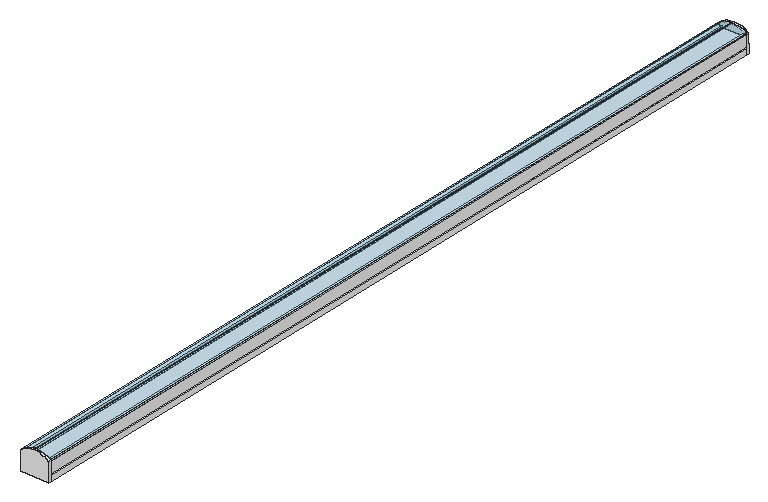
Revit family "LLED-SR-4RF", category Lighting Fixtures, Revit 2017
Family settings
  Round Connector Dimension = Use Diameter
  Part Type = Normal
  OmniClass Number = 23.80.70.00
  OmniClass Title = Lighting
  Work Plane-Based = No
  Always vertical = Yes
  Cut with Voids When Loaded = No
  Light Source = Yes
  Shared = No
  Room Calculation Point = No
Parameters (values of type "LLED-SR")
  Wattage = 9.2903 W
  built-in parameter 1150110 = 1 (stored number, unit not read)
  built-in parameter 1114217 = 1 (stored number, unit not read)
  Tilt Angle = 60.00°
  built-in parameter 1150109 = 1 (stored number, unit not read)
  built-in parameter 1150134 = 3
  built-in parameter 1150113 = 1 (stored number, unit not read)
  Photometric Web File = "generic"
  built-in parameter 1150142 = (empty or 0)
  built-in parameter 1150105 = 109.82 (stored number, unit not read)
  Lumens = 1380 lm
  built-in parameter 1150115 = 1 (stored number, unit not read)
  built-in parameter 1150137 = (empty or 0)
  built-in parameter 1150139 = (empty or 0)
  Length = 24.00"
  built-in parameter 1150112 = 1 (stored number, unit not read)
  built-in parameter 1150114 = 1 (stored number, unit not read)
  built-in parameter 1150132 = (empty or 0)
  built-in parameter 1150102 = (empty or 0)
  built-in parameter 1150107 = 3200 (stored number, unit not read)
  built-in parameter 1150138 = (empty or 0)
  built-in parameter 1150106 = 1.0982 (stored number, unit not read)
  Fixture Cap = Fixture Cap
  Fixture = Fixture
  Emit from Line Length = Length  # 24.00"
  built-in parameter 1150104 = 13.8 (stored number, unit not read)
  Dimming Lamp Color Temperature Shift = <None>
  Color Filter = 16777215
  built-in parameter 1114218 = 1 (stored number, unit not read)
  built-in parameter 1150133 = 10 (stored number, unit not read)
Reference planes (in)
  plane 1 "Light Source Axis (F/B)": y = 0
  plane 2: z = 0
  plane 3 "Light Source Axis (L/R)": x = 0
  plane 4 "Light Source Elevation": z = 0.66
  plane 5: y = 12
  plane 6: y = -12
  plane 7: y = -12.06
  plane 8: y = 12.06
Forms (in)
  Extrusion 1, solid, material "Fixture Cap" <- "Fixture Cap"
    sketch origin (-0.45313, 0.0825, -0.42187) x (1, 0, 0) y (0, 0, -1)
      loop
        line (1.24313, -0.42187) -> (0.45313, -0.42187) -> (0.45313, -0.94587)
        arc (0.45313, -0.94587) -> (0.63837, -1.04945) -> (0.84813, -1.08187) r 0.59853
        arc (0.84813, -1.08187) -> (1.05788, -1.04945) -> (1.24313, -0.94587) r 0.59853
        line (1.24313, -0.94587) -> (1.24313, -0.42187)
    from 11.9175 to 11.9775
  Extrusion 2, solid, material "Fixture" <- "Fixture"
    sketch origin (0, 0, -0.02445) x (1, 0, 0) y (0, 0, 1)
      loop
        line (0, 0.02445) -> (0.79, 0.02445) -> (0.79, 0.16945) -> (0.72721, 0.16945) -> (0.72721, 0.21945) -> (0.79, 0.21945) -> (0.79, 0.51663) -> (0.69, 0.51663) -> (0.69, 0.47663) -> (0.1, 0.47663) -> (0.1, 0.51663) -> (0, 0.51663) -> (0, 0.21945) -> (0.06279, 0.21945) -> (0.06279, 0.16945) -> (0, 0.16945) -> (0, 0.02445)
      loop
        line (0.09279, 0.05445) -> (0.69721, 0.05445) -> (0.69721, 0.44663) -> (0.09279, 0.44663) -> (0.09279, 0.05445)
    from -12 to 12
  Extrusion 3, solid, material "Fixture Cap" <- "Fixture Cap"
    sketch origin (-0.45313, -0.0825, -0.42187) x (1, 0, 0) y (0, 0, 1)
      loop
        line (1.24313, 0.42187) -> (1.24313, 0.94587)
        arc (1.24313, 0.94587) -> (1.05788, 1.04945) -> (0.84813, 1.08187) r 0.59853
        arc (0.84813, 1.08187) -> (0.63837, 1.04945) -> (0.45313, 0.94587) r 0.59853
        line (0.45313, 0.94587) -> (0.45313, 0.42187) -> (1.24313, 0.42187)
    from 11.9175 to 11.9775
  Extrusion 4, solid, material "Glass"
    sketch origin (0, 0, 0) x (1, 0, 0) y (0, 0, 1)
      loop
        arc (0.395, 0.66) -> (0.18525, 0.62758) -> (0, 0.52399) r 0.59853
        line (0, 0.52399) -> (0, 0.48443)
        arc (0, 0.48443) -> (0.18353, 0.59512) -> (0.395, 0.62999) r 0.56853
        arc (0.395, 0.62999) -> (0.60647, 0.59512) -> (0.79, 0.48443) r 0.56853
        line (0.79, 0.48443) -> (0.79, 0.52399)
        arc (0.79, 0.52399) -> (0.60475, 0.62758) -> (0.395, 0.66) r 0.59853
    from -12 to 12
Dimensions and locks (in)
  equal spacing: plane 5, plane 1 "Light Source Axis (F/B)", plane 6
  "Length": plane 5 to plane 6
  Extrusion 2 to Extrusion 2 = 0.145"  (x2)
  Extrusion 2 sketch curve to Extrusion 3 = 0.145"
  Extrusion 2 to Extrusion 2 = 0.05"
  plane 4 "Light Source Elevation" to plane 2 = 0.66"
  Extrusion 3 to Extrusion 3 = 0.79"
  locked: plane 8 to plane 5 at 0.06
  locked: plane 6 to plane 7 at 0.06
  aligned and locked: level to plane 2
  aligned and locked: Extrusion 1 to plane 5
  aligned and locked: plane 5 to Extrusion 1  (x9)
  aligned and locked: plane 5 to Extrusion 2  (x2)
  aligned and locked: plane 5 to Extrusion 4
  aligned and locked: Extrusion 4 to plane 5  (x6)
  aligned and locked: Extrusion 2 to plane 5  (x9)
  aligned and locked: Extrusion 2 to Extrusion 2  (x2)
  aligned and locked: Extrusion 4 to plane 6
  aligned and locked: plane 6 to Extrusion 3
  aligned and locked: Extrusion 2 to plane 6
  aligned and locked: Extrusion 3 to plane 6  (x6)
  aligned and locked: plane 6 to Extrusion 4  (x8)
  aligned and locked: plane 6 to Extrusion 2  (x5)
  aligned and locked: plane 8 to Extrusion 1
  aligned and locked: Extrusion 1 to plane 8  (x2)
  aligned and locked: Extrusion 3 to plane 7  (x2)
  aligned and locked: plane 7 to Extrusion 3
Automatic sketch dimensions
  Extrusion 1 sketch curve to level = 0.00"
  Extrusion 1 sketch curve to plane 3 "Light Source Axis (L/R)" = 0.00"
  level to Extrusion 1 sketch curve = 0.06166"
  plane 3 "Light Source Axis (L/R)" to Extrusion 1 sketch curve = 0.38011"
  Extrusion 1 sketch curve to Extrusion 1 sketch curve = 0.02978"
  Extrusion 1 sketch curve to Extrusion 1 sketch curve = 0.38011"
  Extrusion 1 sketch curve to Extrusion 1 sketch curve = 0.00"
  level to Extrusion 1 sketch curve = 0.52399"  (x2)
  Extrusion 3 sketch curve to level = 0.00"
  Extrusion 3 sketch curve to plane 3 "Light Source Axis (L/R)" = 0.00"
  level to Extrusion 3 sketch curve = 0.06166"
  plane 3 "Light Source Axis (L/R)" to Extrusion 3 sketch curve = 0.38011"
  Extrusion 3 sketch curve to Extrusion 3 sketch curve = 0.02978"
  Extrusion 3 sketch curve to Extrusion 3 sketch curve = 0.38011"
  Extrusion 3 sketch curve to Extrusion 3 sketch curve = 0.00"
  level to Extrusion 3 sketch curve = 0.52399"  (x2)
  Extrusion 2 sketch curve to plane 3 "Light Source Axis (L/R)" = 0.00"  (x2)
  plane 3 "Light Source Axis (L/R)" to Extrusion 2 sketch curve = 0.06279"
  Extrusion 2 sketch curve to Extrusion 2 sketch curve = 0.59"
  Extrusion 2 sketch curve to Extrusion 2 sketch curve = 0.10"
  level to Extrusion 2 sketch curve = 0.00"
  Extrusion 2 sketch curve to Extrusion 2 sketch curve = 0.06279"
  Extrusion 2 sketch curve to Extrusion 2 sketch curve = 0.05"  (x2)
  Extrusion 2 sketch curve to Extrusion 2 sketch curve = 0.04"  (x2)
  Extrusion 4 sketch curve to plane 3 "Light Source Axis (L/R)" = 0.00"
  level to Extrusion 4 sketch curve = 0.06166"
  plane 3 "Light Source Axis (L/R)" to Extrusion 4 sketch curve = 0.38011"
  Extrusion 4 sketch curve to Extrusion 4 sketch curve = 0.02978"
  Extrusion 4 sketch curve to Extrusion 4 sketch curve = 0.38011"
  Extrusion 4 sketch curve to Extrusion 4 sketch curve = 0.00"  (x6)
  Extrusion 2 sketch curve to Extrusion 2 sketch curve = 0.03"  (x3)
  Extrusion 2 sketch curve to Extrusion 2 sketch curve = 0.22719"
  Extrusion 2 sketch curve to Extrusion 2 sketch curve = 0.00721"  (x2)
  Extrusion 2 sketch curve to Extrusion 2 sketch curve = 0.115"
  level to Extrusion 2 sketch curve = 0.03"
  plane 4 "Light Source Elevation" to Extrusion 4 sketch curve = 0.03001"
  Extrusion 4 sketch curve to plane 4 "Light Source Elevation" = 0.00"
  Extrusion 4 sketch curve to Extrusion 4 sketch curve = 0.14556"
